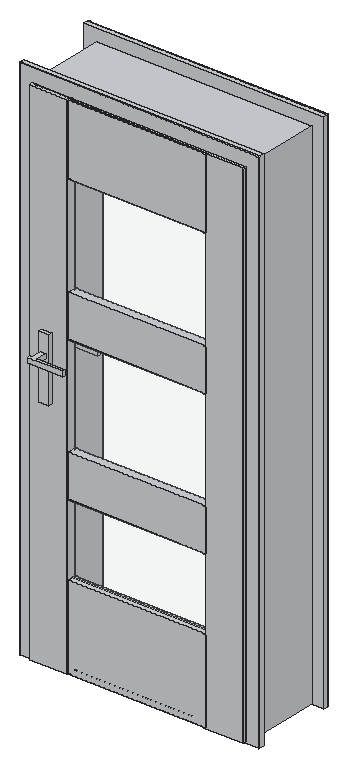
Revit family "porta_koncept_K3_osc_ps", category Drzwi, Revit 2016
Family settings
  Obiekt nadrzędny = Ściana
  Zawsze pionowo = Tak
  Tnij formami wycięć po wczytaniu = Nie
  Współdzielony = Nie
  Punkt obliczania pomieszczeń = Nie
Parameters (values of type "PN 80")
  Zakres szerokości muru [instance] = if(and(Grubość ściany > 94 mm, Grubość ściany < 120 mm), "B", (if(and(Grubość ściany > 119 mm, Grubość ściany < 140 mm), "C", (if(and(Grubość ściany > 139 mm, Grubość ściany < 160 mm), "D", (if(and(Grubość ściany > 159 mm, Grubość ściany < 180 mm), "E", (if(and(Grubość ściany > 179 mm, Grubość ściany < 200 mm), "F", (if(and(Grubość ściany > 199 mm, Grubość ściany < 220 mm), "G", (if(and(Grubość ściany > 219 mm, Grubość ściany < 240 mm), "H", (if(and(Grubość ściany > 239 mm, Grubość ściany < 260 mm), "I", (if(and(Grubość ściany > 259 mm, Grubość ściany < 280 mm), "J", (if(and(Grubość ściany > 279 mm, Grubość ściany < 301 mm), "K", "BRAK")))))))))))))))))))  # "K"
  Wysokość brutto = 2060 mm
  Szerokość brutto = 880 mm
  Model = "Koncept K3"
  Konstrukcja analityczna = "<Brak>"
  Grubość ściany [instance] = 300 mm
  Funkcja = Wewnętrzna
  URL = "www.porta.com.pl"
  Ss = 844 mm
  Sb = 846 mm
  Producent = "PORTA KMI POLAND"
  Keynote = ""
  Description = ""
  Wysokość = 2016 mm
  Zakończenie ściany = Wg obiektu nadrzędnego
  Szerokość = 800 mm
  Materiał_skrzydło [instance] = none
  Materiał_ościeżnica [instance] = none
  Materiał_klamka [instance] = none
  Informacja = "Własność Porta KMI Poland, wszelkie prawa zastrzeżone."  # constant formula
  Hs = 2030 mm
Types (6, lengths in mm): name | Szerokość brutto | Ss | Sb | Description | Szerokość
  PN 70 | 780 | 744 | 746 | "Biblioteki CAD produktów firmy PORTA KMI POLAND wraz z ich wizualizacjami są chronione prawami własności przemysłowej i intelektualnej. Można je wykorzystywać do handlowych celów osobistych poprzez zastosowanie w projektach, jednak nie wolno ich powielać, modyfikować, licencjonować ani publikować, w całości ani w części, chyba że celem przeglądania, bez uprzedniej pisemnej zgody PORTA KMI Poland. www.porta.com.pl" | 700
  PN 60 | 680 | 644 | 646 | "Biblioteki CAD produktów firmy PORTA KMI POLAND wraz z ich wizualizacjami są chronione prawami własności przemysłowej i intelektualnej. Można je wykorzystywać do handlowych celów osobistych poprzez zastosowanie w projektach, jednak nie wolno ich powielać, modyfikować, licencjonować ani publikować, w całości ani w części, chyba że celem przeglądania, bez uprzedniej pisemnej zgody PORTA KMI Poland. www.porta.com.pl" | 600
  PN 80 | 880 | 844 | 846 | "" | 800
  PN 90 | 980 | 944 | 946 | "Biblioteki CAD produktów firmy PORTA KMI POLAND wraz z ich wizualizacjami są chronione prawami własności przemysłowej i intelektualnej. Można je wykorzystywać do handlowych celów osobistych poprzez zastosowanie w projektach, jednak nie wolno ich powielać, modyfikować, licencjonować ani publikować, w całości ani w części, chyba że celem przeglądania, bez uprzedniej pisemnej zgody PORTA KMI Poland. www.porta.com.pl" | 900
  PN 100 | 1080 | 1044 | 1046 | "Biblioteki CAD produktów firmy PORTA KMI POLAND wraz z ich wizualizacjami są chronione prawami własności przemysłowej i intelektualnej. Można je wykorzystywać do handlowych celów osobistych poprzez zastosowanie w projektach, jednak nie wolno ich powielać, modyfikować, licencjonować ani publikować, w całości ani w części, chyba że celem przeglądania, bez uprzedniej pisemnej zgody PORTA KMI Poland. www.porta.com.pl" | 1000
  PN 110 | 1180 | 1144 | 1146 | "Biblioteki CAD produktów firmy PORTA KMI POLAND wraz z ich wizualizacjami są chronione prawami własności przemysłowej i intelektualnej. Można je wykorzystywać do handlowych celów osobistych poprzez zastosowanie w projektach, jednak nie wolno ich powielać, modyfikować, licencjonować ani publikować, w całości ani w części, chyba że celem przeglądania, bez uprzedniej pisemnej zgody PORTA KMI Poland. www.porta.com.pl" | 1100
Reference planes
  plane 1: y = 0
  plane 2 "Środek (Lewa/Prawa)": x = 0
  plane 3 "Lewy": x = -440
  plane 4 "Prawy": x = 440
  plane 5: z = 2060
  plane 6 "Zewnętrzna": y = 150
  plane 7 "Wewnętrzna": y = -150
  plane 8 "skrzydło": y = -144.5
Forms (mm)
  Sweep 1, solid, material <- "Materiał_ościeżnica"
    path in 3D
      loop
        line (-440, -150, 0) -> (-440, -150, 2060) -> (440, -150, 2060) -> (440, -150, 0)
    profile origin (-440, -150, 1030) x (0, -1, 0) y (1, 0, 0)
      loop
        line (-10, 39) -> (-72, 39) -> (-72, 17) -> (0, 17) -> (0, -33) -> (16, -33)
        arc (16, -33) -> (18.121, -32.121) -> (19, -30) r 3
        line (19, -30) -> (19, 24)
        arc (19, 24) -> (18.121, 26.121) -> (16, 27) r 3
        line (16, 27) -> (-10, 27) -> (-10, 39)
  Sweep 2, solid, material <- "Materiał_ościeżnica"
    path in 3D
      loop
        line (440, 150, 0) -> (440, 150, 2060) -> (-440, 150, 2060) -> (-440, 150, 0)
    profile origin (-440, 150, 1030) x (1, 0, 0) y (0, 1, 0)
      loop
        line (-33, 0) -> (17, 0) -> (17, -228) -> (39, -228) -> (39, -1)
        arc (39, -1) -> (37.536, 2.536) -> (34, 4) r 5
        line (34, 4) -> (25, 4) -> (25, 16)
        arc (25, 16) -> (24.121, 18.121) -> (22, 19) r 3
        line (22, 19) -> (-30, 19)
        arc (-30, 19) -> (-32.121, 18.121) -> (-33, 16) r 3
        line (-33, 16) -> (-33, 0)
  Sweep 3, solid, not visible
    path in 3D
      loop
        line (-440, -150, 0) -> (-440, -150, 2060)
    profile origin (-440, -150, 1030) x (0, -1, 0) y (1, 0, 0)
      loop
        line (-151, 17) -> (-149, 17) -> (-149, 19) -> (-151, 19) -> (-151, 17)
Cuts and joins
  joined: Sweep 1, Sweep 2
Lines and regions (mm)
  Opening 1
    outline origin (-3050, -150, 0) x (1, 0, 0) y (0, 0, 1)
      loop
        line (2610, 0) -> (3490, 0) -> (3490, 2060) -> (2610, 2060) -> (2610, 0)
  sketch lines
    curve 1: line (-440, -150, 0) -> (-440, -150, 2060)
    curve 2: line (-440, -150, 2060) -> (440, -150, 2060)
    curve 3: line (440, -150, 2060) -> (440, -150, 0)
    curve 4: line (-440, 150, 2060) -> (-440, 150, 0)
    curve 5: line (440, 150, 2060) -> (-440, 150, 2060)
    curve 6: line (440, 150, 0) -> (440, 150, 2060)
    curve 12: line (-440, -150, 0) -> (-440, -150, 2060)
  symbolic lines, style "DoorsPanelProjection"
    curve 7: line (422, -150, 0) -> (422, -994, 0)
    curve 8: line (422, -994, 0) -> (382, -994, 0)
    curve 9: line (382, -994, 0) -> (382, -150, 0)
    curve 10: line (382, -150, 0) -> (422, -150, 0)
  symbolic lines, style "Ugięcie rzutu"
    curve 11: arc (-422, -150, 0) -> (-174.798, -746.798, 0) -> (422, -994, 0) r 844
Text (mm)
  text "Zewnętrzna" at (-2295.016, 1099.543, 0), in view "Poziom odniesienia"
  text "Zewnętrzna" at (0, 1615.38, 3698.081), in view "Lewy"
  text "Zewnętrzna" at (0, 1036.032, 3874.932), in view "Prawy"
Dimensions and locks
  equal spacing: plane 3 "Lewy", plane 2 "Środek (Lewa/Prawa)", plane 4 "Prawy"
  "Szerokość brutto": plane 3 "Lewy" to plane 4 "Prawy"
  "Wysokość brutto": plane 5 to host wall
  host wall to plane 5 = 2060 mm  (x2)
  locked: plane 6 "Zewnętrzna" to host wall at 0
  locked: plane 7 "Wewnętrzna" to host wall
  "Sb": Sweep 1 to Sweep 1
  locked: Sweep 1 sketch curve to Sweep 1 sketch curve at 22
  Sweep 1 sketch curve to Sweep 1 sketch curve = 50 mm
  locked: Sweep 1 sketch curve to profile plane at 72
  locked: Sweep 2 sketch curve to Sweep 2 sketch curve at 50
  locked: Sweep 2 sketch curve to Sweep 2 sketch curve at 22
  locked: Sweep 2 sketch curve to plane 6 "Zewnętrzna" at 1
  locked: curve 9 to curve 7 at 40
  "Ss": curve 8 to curve 10
  equal spacing: curve 11, plane 2 "Środek (Lewa/Prawa)", curve 7
  locked: plane 7 "Wewnętrzna" to plane 8 "skrzydło" at 5.5
  locked: host wall to Sweep 3 sketch curve at 1
  locked: Sweep 3 sketch curve to host wall at 1
  locked: Sweep 3 sketch curve to plane 6 "Zewnętrzna" at 151
  locked: plane 7 "Wewnętrzna" to Sweep 3 sketch curve at 151
  equal spacing: nested 1, plane 2 "Środek (Lewa/Prawa)", nested 1
  locked: nested 1 to level at 8
  "Grubość ściany": host wall to host wall
  aligned and locked: plane 3 "Lewy" to Opening 1 sketch curve
  aligned and locked: plane 5 to Opening 1 sketch curve  (x2)
  aligned and locked: Opening 1 sketch curve to plane 4 "Prawy"
  aligned and locked: Opening 1 sketch curve to level
  aligned and locked: plane 1 to host wall
  aligned and locked: Sweep 1 to Sweep 2 sketch curve
  aligned and locked: plane 7 "Wewnętrzna" to curve 10
  aligned and locked: Sweep 3 sketch curve to cut or joined group of Sweep 1, Sweep 2
  aligned and locked: Sweep 2 sketch curve to cut or joined group of Sweep 1, Sweep 2
  aligned and locked: nested 1 to plane 8 "skrzydło"
Automatic sketch dimensions
  profile plane to Sweep 1 sketch curve = 10 mm
  Sweep 1 sketch curve to profile plane = 16 mm  (x2)
  Sweep 1 sketch curve to Sweep 1 sketch curve = 3 mm
  profile plane to Sweep 1 sketch curve = 17 mm
  Sweep 1 sketch curve to Sweep 1 sketch curve = 7 mm
  Sweep 1 sketch curve to profile plane = 0 mm
  Sweep 2 sketch curve to profile plane = 0 mm
  Sweep 2 sketch curve to profile plane = 16 mm
  Sweep 2 sketch curve to Sweep 2 sketch curve = 3 mm
  Sweep 2 sketch curve to Sweep 2 sketch curve = 5 mm
  Sweep 2 sketch curve to profile plane = 4 mm
  Sweep 2 sketch curve to Sweep 2 sketch curve = 8 mm
  curve 11 to host wall = 0 mm
  Sweep 3 sketch curve to Sweep 3 sketch curve = 2 mm
Nested families
  nested 1: "skrzydło" at (0, -151, 0), Materiał_klamka <- "Materiał_klamka", Materiał_skrzydło <- "Materiał_skrzydło", type "skrzydło"
    with Materiał_skrzydło none, Materiał_klamka none
Definition of nested family "skrzydło"
  Parameters
    Ss = 844 mm
    Materiał_skrzydło [instance] = none
    Materiał_klamka [instance] = none
    Hs = 2030 mm
  Reference planes
    plane 1 "Tył": y = 6.5
    plane 2: z = 0
    plane 3 "Środek (Lewa/Prawa)": x = 0
    plane 4 "Lewa": x = -422
    plane 5 "Prawa": x = 422
    plane 6 "Przód": y = -33.5
    plane 7: z = 2038
    plane 8 "Centrum": y = -13.5
    plane 9: x = -409
    plane 10: z = 8
    plane 11: x = 409
    plane 12: x = -272
    plane 13: x = 272
    plane 14: z = 2025
  Forms (mm)
    Extrusion 1, solid, material <- "Materiał_skrzydło"
      sketch origin (-1191.728, -1524, 8) x (-1, 0, 0) y (0, -1, 0)
        loop
          line (-1465.378, -1490.5) -> (-1612.078, -1490.5)
          arc (-1612.078, -1490.5) -> (-1613.244, -1490.983) -> (-1613.728, -1492.15) r 1.65
          line (-1613.728, -1492.15) -> (-1613.728, -1501.85)
          arc (-1613.728, -1501.85) -> (-1613.244, -1503.017) -> (-1612.078, -1503.5) r 1.65
          line (-1612.078, -1503.5) -> (-1602.078, -1503.5)
          arc (-1602.078, -1503.5) -> (-1601.123, -1503.895) -> (-1600.728, -1504.85) r 1.35
          line (-1600.728, -1504.85) -> (-1600.728, -1528.85)
          arc (-1600.728, -1528.85) -> (-1600.244, -1530.017) -> (-1599.078, -1530.5) r 1.65
          line (-1599.078, -1530.5) -> (-1465.378, -1530.5)
          arc (-1465.378, -1530.5) -> (-1464.211, -1530.017) -> (-1463.728, -1528.85) r 1.65
          line (-1463.728, -1528.85) -> (-1463.728, -1492.15)
          arc (-1463.728, -1492.15) -> (-1464.211, -1490.983) -> (-1465.378, -1490.5) r 1.65
      from 0 to 2030
    Extrusion 2, void
      sketch origin (0, 0, 0) x (0, -1, 0) y (0, 0, 1)
        loop
          line (-6.5, 2025) -> (20.5, 2025) -> (20.5, 2038) -> (-6.5, 2038) -> (-6.5, 2025)
      from -422 to 422
    Extrusion 3, solid, material <- "Materiał_skrzydło"
      sketch origin (0, 0, 0) x (0, 1, 0) y (0, 0, 1)
        loop
          line (4, 1756.65) -> (4, 2023.35)
          arc (4, 2023.35) -> (3.517, 2024.517) -> (2.35, 2025) r 1.65
          line (2.35, 2025) -> (-19.15, 2025)
          arc (-19.15, 2025) -> (-20.105, 2025.395) -> (-20.5, 2026.35) r 1.35
          line (-20.5, 2026.35) -> (-20.5, 2036.35)
          arc (-20.5, 2036.35) -> (-20.983, 2037.517) -> (-22.15, 2038) r 1.65
          line (-22.15, 2038) -> (-29.35, 2038)
          arc (-29.35, 2038) -> (-30.517, 2037.517) -> (-31, 2036.35) r 1.65
          line (-31, 2036.35) -> (-31, 1756.65)
          arc (-31, 1756.65) -> (-30.517, 1755.483) -> (-29.35, 1755) r 1.65
          line (-29.35, 1755) -> (2.35, 1755)
          arc (2.35, 1755) -> (3.517, 1755.483) -> (4, 1756.65) r 1.65
        loop
          line (2.35, 341) -> (-29.35, 341)
          arc (-29.35, 341) -> (-30.517, 340.517) -> (-31, 339.35) r 1.65
          line (-31, 339.35) -> (-31, 9.65)
          arc (-31, 9.65) -> (-30.517, 8.483) -> (-29.35, 8) r 1.65
          line (-29.35, 8) -> (-25, 8)
          arc (-25, 8) -> (-23.833, 8.483) -> (-23.35, 9.65) r 1.65
          arc (-23.35, 9.65) -> (-22.955, 10.605) -> (-22, 11) r 1.35
          line (-22, 11) -> (-5, 11)
          arc (-5, 11) -> (-4.045, 10.605) -> (-3.65, 9.65) r 1.35
          arc (-3.65, 9.65) -> (-3.167, 8.483) -> (-2, 8) r 1.65
          line (-2, 8) -> (2.35, 8)
          arc (2.35, 8) -> (3.517, 8.483) -> (4, 9.65) r 1.65
          line (4, 9.65) -> (4, 339.35)
          arc (4, 339.35) -> (3.517, 340.517) -> (2.35, 341) r 1.65
        loop
          line (2.35, 793) -> (-29.35, 793)
          arc (-29.35, 793) -> (-30.517, 792.517) -> (-31, 791.35) r 1.65
          line (-31, 791.35) -> (-31, 624.65)
          arc (-31, 624.65) -> (-30.517, 623.483) -> (-29.35, 623) r 1.65
          line (-29.35, 623) -> (2.35, 623)
          arc (2.35, 623) -> (3.517, 623.483) -> (4, 624.65) r 1.65
          line (4, 624.65) -> (4, 791.35)
          arc (4, 791.35) -> (3.517, 792.517) -> (2.35, 793) r 1.65
        loop
          line (2.35, 1358) -> (-29.35, 1358)
          arc (-29.35, 1358) -> (-30.517, 1357.517) -> (-31, 1356.35) r 1.65
          line (-31, 1356.35) -> (-31, 1189.65)
          arc (-31, 1189.65) -> (-30.517, 1188.483) -> (-29.35, 1188) r 1.65
          line (-29.35, 1188) -> (2.35, 1188)
          arc (2.35, 1188) -> (3.517, 1188.483) -> (4, 1189.65) r 1.65
          line (4, 1189.65) -> (4, 1356.35)
          arc (4, 1356.35) -> (3.517, 1357.517) -> (2.35, 1358) r 1.65
      from -272 to 272
    Extrusion 4, solid
      sketch origin (-892.016, -13.5, 1200) x (-1, 0, 0) y (0, 0, 1)
        loop
          line (-620.016, 555) -> (-1164.016, 555) -> (-1164.016, -859) -> (-620.016, -859) -> (-620.016, 555)
      from -2 to 2
    Extrusion 5, solid, material <- "Materiał_skrzydło"
      sketch origin (-1191.728, -1524, 8) x (-1, 0, 0) y (0, -1, 0)
        loop
          arc (-918.078, -1490.5) -> (-919.244, -1490.983) -> (-919.728, -1492.15) r 1.65
          line (-919.728, -1492.15) -> (-919.728, -1528.85)
          arc (-919.728, -1528.85) -> (-919.244, -1530.017) -> (-918.078, -1530.5) r 1.65
          line (-918.078, -1530.5) -> (-784.378, -1530.5)
          arc (-784.378, -1530.5) -> (-783.211, -1530.017) -> (-782.728, -1528.85) r 1.65
          line (-782.728, -1528.85) -> (-782.728, -1504.85)
          arc (-782.728, -1504.85) -> (-782.332, -1503.895) -> (-781.378, -1503.5) r 1.35
          line (-781.378, -1503.5) -> (-771.378, -1503.5)
          arc (-771.378, -1503.5) -> (-770.211, -1503.017) -> (-769.728, -1501.85) r 1.65
          line (-769.728, -1501.85) -> (-769.728, -1492.15)
          arc (-769.728, -1492.15) -> (-770.211, -1490.983) -> (-771.378, -1490.5) r 1.65
          line (-771.378, -1490.5) -> (-918.078, -1490.5)
      from 0 to 2030
  Cuts and joins
    Extrusion 2 cuts Extrusion 1
    Extrusion 2 cuts Extrusion 5
  Dimensions and locks
    equal spacing: plane 4 "Lewa", plane 3 "Środek (Lewa/Prawa)", plane 5 "Prawa"
    "Ss": plane 4 "Lewa" to plane 5 "Prawa"
    locked: plane 4 "Lewa" to plane 9 at 13
    locked: plane 10 to level at 8
    "Hs": plane 7 to plane 10
    locked: plane 5 "Prawa" to plane 11 at 13
    locked: plane 9 to nested 1 at 35
    locked: nested 1 to plane 10 at 934
    locked: plane 10 to nested 2 at 934
    equal spacing: plane 6 "Przód", plane 8 "Centrum", plane 1 "Tył"
    locked: plane 7 to plane 14 at 13
    locked: plane 12 to plane 4 "Lewa" at 150
    locked: plane 5 "Prawa" to plane 13 at 150
    locked: plane 1 "Tył" to Extrusion 2 sketch curve at 27
    aligned and locked: nested 1 to plane 6 "Przód"
    aligned and locked: plane 5 "Prawa" to Extrusion 1 sketch curve
    aligned and locked: Extrusion 1 sketch curve to plane 11
    aligned and locked: Extrusion 1 sketch curve to plane 1 "Tył"
    aligned and locked: Extrusion 1 sketch curve to plane 6 "Przód"
    aligned and locked: Extrusion 1 sketch curve to plane 13
    aligned and locked: plane 7 to Extrusion 1
    aligned and locked: Extrusion 2 sketch curve to plane 14
    aligned and locked: Extrusion 2 sketch curve to plane 1 "Tył"
    aligned and locked: plane 7 to Extrusion 2 sketch curve
    aligned and locked: Extrusion 2 to plane 4 "Lewa"
    aligned and locked: plane 5 "Prawa" to Extrusion 2
    aligned and locked: Extrusion 3 to plane 12
    aligned and locked: plane 13 to Extrusion 3
    aligned and locked: plane 12 to Extrusion 4 sketch curve
    aligned and locked: plane 13 to Extrusion 4 sketch curve
    aligned and locked: plane 4 "Lewa" to Extrusion 5 sketch curve
    aligned and locked: Extrusion 5 sketch curve to plane 12
    aligned and locked: plane 7 to Extrusion 5
    aligned and locked: nested 2 to nested 1
  Automatic sketch dimensions
    Extrusion 1 sketch curve to Extrusion 1 sketch curve = 1.65 mm  (x4)
    Extrusion 1 sketch curve to Extrusion 1 sketch curve = 1.35 mm
    Extrusion 1 sketch curve to Extrusion 1 sketch curve = 10 mm
    plane 1 "Tył" to Extrusion 1 sketch curve = 25.65 mm
    Extrusion 5 sketch curve to Extrusion 5 sketch curve = 1.65 mm  (x4)
    Extrusion 5 sketch curve to Extrusion 5 sketch curve = 1.35 mm
    Extrusion 5 sketch curve to Extrusion 5 sketch curve = 10 mm
    Extrusion 5 sketch curve to Extrusion 5 sketch curve = 0 mm
    plane 6 "Przód" to Extrusion 5 sketch curve = 40 mm
    Extrusion 5 sketch curve to Extrusion 5 sketch curve = 24 mm
    Extrusion 5 sketch curve to Extrusion 5 sketch curve = 9.7 mm
    Extrusion 3 sketch curve to plane 7 = 0 mm
    Extrusion 3 sketch curve to plane 10 = 0 mm  (x2)
    Extrusion 3 sketch curve to plane 14 = 0 mm
    plane 6 "Przód" to Extrusion 3 sketch curve = 2.5 mm  (x4)
    plane 10 to Extrusion 3 sketch curve = 1.65 mm  (x4)
    Extrusion 3 sketch curve to Extrusion 3 sketch curve = 1.65 mm  (x11)
    Extrusion 3 sketch curve to Extrusion 3 sketch curve = 4.35 mm
    Extrusion 3 sketch curve to Extrusion 3 sketch curve = 0 mm  (x2)
    Extrusion 3 sketch curve to plane 7 = 1.65 mm
    Extrusion 3 sketch curve to Extrusion 3 sketch curve = 7.2 mm
    Extrusion 3 sketch curve to Extrusion 3 sketch curve = 1.35 mm  (x2)
    plane 8 "Centrum" to Extrusion 3 sketch curve = 8.5 mm
    plane 1 "Tył" to Extrusion 3 sketch curve = 4.15 mm  (x7)
    Extrusion 3 sketch curve to Extrusion 3 sketch curve = 328.35 mm
    Extrusion 3 sketch curve to Extrusion 3 sketch curve = 282 mm
    Extrusion 3 sketch curve to Extrusion 3 sketch curve = 166.7 mm  (x2)
    Extrusion 3 sketch curve to Extrusion 3 sketch curve = 395 mm
    Extrusion 3 sketch curve to Extrusion 3 sketch curve = 268.35 mm
    plane 10 to Extrusion 4 sketch curve = 333 mm
    Extrusion 4 sketch curve to plane 14 = 270 mm
  Nested families
    nested 1: "KLAMKA" at (-354, -33.5, 1067), Materiał klamki <- "Materiał_klamka", type "KLAMKA"
      with Materiał klamki none
    nested 2: "KLAMKA" at (-354, 6.5, 1067), Materiał klamki <- "Materiał_klamka", type "KLAMKA"
      with Materiał klamki none
  Definition of nested family "KLAMKA"
    Parameters
      Materiał klamki [instance] = none
      Assembly Code = ""
      Default Elevation = 1219.2 mm
    Reference planes
      plane 1 "Center (Front/Back)": y = 0
      plane 2: z = 0
      plane 3 "Center (Left/Right)": x = 0
      plane 4: z = 125
      plane 5: z = -125
      plane 6: x = 20
      plane 7: x = -20
      plane 8: y = -70
      plane 9: y = -60
      plane 10: x = 10
      plane 11: x = -10
      plane 12: x = 120
      plane 13: z = 35
      plane 14: z = 55
      plane 15: y = -15
    Forms (mm)
      Extrusion 1, solid, material <- "Materiał klamki"
        sketch origin (0, 0, 0) x (1, 0, 0) y (0, 0, 1)
          loop
            line (-20, 125) -> (-20, -125) -> (20, -125) -> (20, 125) -> (-20, 125)
        from 0 to 15
      Extrusion 2, solid, material <- "Materiał klamki"
        sketch origin (0, 0, 0) x (1, 0, 0) y (0, 1, 0)
          loop
            line (-10, -15) -> (-10, -60) -> (-20, -60) -> (-20, -70) -> (120, -70) -> (120, -60) -> (10, -60) -> (10, -15) -> (-10, -15)
        from 35 to 55
    Dimensions and locks
      equal spacing: plane 4, plane 2, plane 5
      plane 4 to plane 5 = 250 mm
      equal spacing: plane 7, plane 3 "Center (Left/Right)", plane 6
      plane 7 to plane 6 = 40 mm
      plane 8 to plane 1 "Center (Front/Back)" = 70 mm
      plane 11 to plane 3 "Center (Left/Right)" to plane 10 = 10 mm locked, 10 mm locked
      plane 7 to plane 12 = 140 mm
      plane 15 to plane 1 "Center (Front/Back)" = 15 mm
      aligned and locked: plane 7 to Extrusion 1 sketch curve
      aligned and locked: Extrusion 1 sketch curve to plane 4
      aligned and locked: plane 5 to Extrusion 1 sketch curve
      aligned and locked: Extrusion 1 sketch curve to plane 6
      aligned and locked: plane 15 to Extrusion 1
      aligned and locked: Extrusion 1 to plane 1 "Center (Front/Back)"
      aligned and locked: plane 14 to Extrusion 2
      aligned and locked: Extrusion 2 to plane 13
    Automatic sketch dimensions
      Extrusion 2 sketch curve to plane 7 = 0 mm
      Extrusion 2 sketch curve to plane 9 = 0 mm  (x2)
      Extrusion 2 sketch curve to plane 11 = 0 mm
      Extrusion 2 sketch curve to plane 10 = 0 mm
      Extrusion 2 sketch curve to plane 12 = 0 mm
      Extrusion 2 sketch curve to plane 8 = 0 mm
      Extrusion 2 sketch curve to plane 15 = 0 mm
